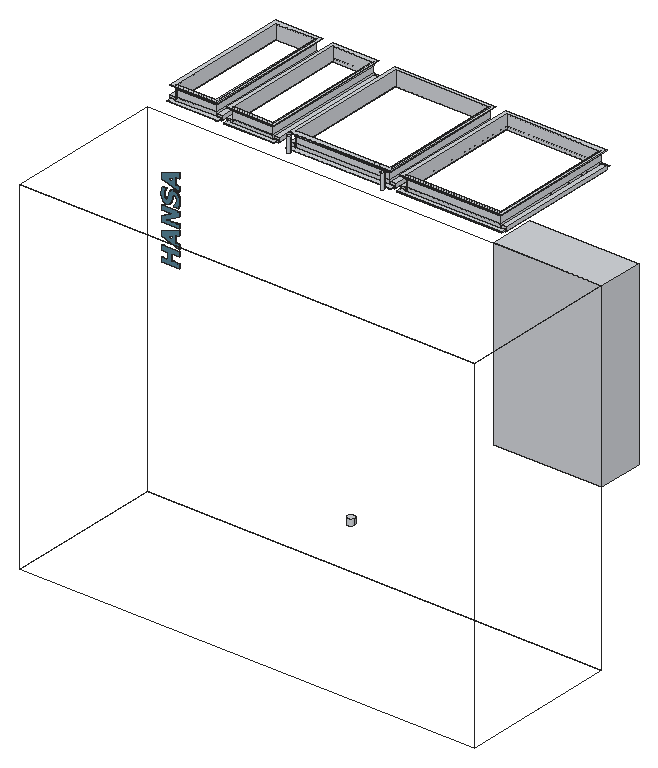
Revit family "KL-P-023-iK-G-L", category HLS-Bauteile, Revit 2020
Family settings
  Bemaßung runder Anschluss = Durchmesser verwenden
  Klassifizierung = Keine
  Teiletyp = Normal
  Arbeitsebenenbasiert = Nein
  Immer vertikal = Ja
  Beim Laden mit Abzugskörper schneiden = Nein
  Gemeinsam genutzt = Nein
  Raumberechnungspunkt = Nein
Parameters
  Zuluftbreite [instance] = 520 mm  # constant formula
  Vorgabe-Ansicht = 0 mm
  TyS [instance] = size_lookup("TyS_Hansa_KL_P", "", "ND", RLT_Serie, Gehaeuserichtung, Gehaeuseausfuehrung, RLT_MSR_KZ)  # "KL-P-023-iK-G-L-eCS"
  Schaltschrankbreite [instance] = 600 mm
  Schaltschrank_montiert [instance] = yes
  SSaG [instance] = and(or(Regelung SAIA, Regelung OJ), Schaltschrank_montiert)  # yes
  Regelung SAIA [instance] = yes
  Regelung OJ [instance] = no
  RLT_Volumenstrom_max = 2300 m³/h  # constant formula
  RLT_Volumenstrom_Unit_2 [instance] = 2300 m³/h
  RLT_Volumenstrom_Unit_1 [instance] = 2300 m³/h
  RLT_Typenschlüssel [instance] = TyS  # "KL-P-023-iK-G-L-eCS"
  RLT_Serie = "KL-P-023-iK"  # constant formula
  RLT_Material_außen [instance] = Stahlblech verzinkt + RAL 9002
  RLT_MSR_KZ [instance] = if(Regelung SAIA, "eCS", if(Regelung OJ, "eCO", "-"))  # "eCS"
  RLT_Länge [instance] = L  # 1920 mm
  RLT_Höhe = H  # 1790 mm
  RLT_Gewicht [instance] = size_lookup("TD_Hansa_KL_P", "Gewicht", 0 mm, TyS) / 1 mm * 1.00 kg  # 0.00 kg
  RLT_Breite = B  # 880 mm
  Modell = "KL-P-023-iK-G-L"  # constant formula
  L2 = 1260 mm  # constant formula
  L1 = 660 mm  # constant formula
  L = L1 + L2  # 1920 mm
  Kanaltiefe [instance] = RLT_Breite - 190 mm  # 690 mm
  Hersteller = "Hansa"  # constant formula
  H = 1790 mm  # constant formula
  GeräteOK [instance] = H + Fuß  # 1910 mm
  Gehaeuserichtung [instance] = "L"  # constant formula
  Gehaeuseausfuehrung [instance] = "geteilt"  # constant formula
  GD_Spannung [instance] = 230 V
  GD_Phasen [instance] = 1
  GD_Nennstrom [instance] = 0 A
  GD_Anschlussleistung [instance] = 0 W
  Fuß [instance] = 120 mm  # constant formula
  Fortluftbreite = 220 mm  # constant formula
  Bedienzone [instance] = yes
  Baugruppe [instance] = "RLT-Gerät"  # constant formula
  BZl [instance] = if(and(or(Regelung SAIA, Regelung OJ), Schaltschrank_montiert), L + Schaltschrankbreite, L)  # 2520 mm
  B = 880 mm  # constant formula
  Außenluftbreite = 220 mm  # constant formula
  Abluftbreite [instance] = 520 mm  # constant formula
Reference planes
  plane 1 "Mitte (Vorne/hinten)": y = 0
  plane 2: z = 0
  plane 3 "Mitte (Links/rechts)": x = 0
  plane 4: x = -960
  plane 5: x = 960
  plane 6 "GV": y = -440
  plane 7 "GH": y = 440
  plane 8 "OKG": z = 1910
  plane 9: y = 377.5
  plane 10: y = -312.5
  plane 11: x = -897.5
  plane 12: x = 897.5
  plane 13: x = -677.5
  plane 14: x = -582.5
  plane 15: x = -362.5
  plane 16: x = 377.5
  plane 17: x = 282.5
  plane 18: x = -237.5
  plane 19: z = 1990
  plane 20 "UKG": z = 120
  plane 21: y = -190
  plane 22: y = -230
  plane 23: z = 90
  plane 24: y = -364
  plane 25: x = -300
  plane 26: y = -1320
  plane 27: x = 1560
Forms (mm)
  Extrusion 1, solid, visible <- "SSaG"
    sketch origin (-61.559, 0, -70) x (1, 0, 0) y (0, 0, 1)
      loop
        line (1021.559, 1980) -> (1021.559, 980) -> (1621.559, 980) -> (1621.559, 1980) -> (1021.559, 1980)
    from 440 to 190
  Extrusion 2, solid
    sketch origin (0, 0, 0) x (1, 0, 0) y (0, 1, 0)
      loop
        circle (0, -230) r 20
    from 120 to 90
  Extrusion 3, solid
    sketch origin (0, 0, 0) x (1, 0, 0) y (0, 1, 0)
      loop
        circle (-237.5, -364) r 10
      loop
        circle (282.5, -364) r 10
    from 1990 to 1910
  Extrusion 4, solid, material "Glas - klar", visible <- "Bedienzone"
    sketch origin (0, 0, 0) x (1, 0, 0) y (0, 1, 0)
      loop
        line (-960, -440) -> (-960, -1320) -> (1560, -1320) -> (1560, -440) -> (-960, -440)
    from 1910 to 0
Dimensions and locks
  equal spacing: plane 4, plane 3 "Mitte (Links/rechts)", plane 5
  "L": plane 4 to plane 5
  "B": plane 7 "GH" to plane 6 "GV"
  locked: plane 7 "GH" to plane 9 at 62.5
  locked: plane 4 to plane 11 at 62.5
  locked: plane 12 to plane 5 at 62.5
  "Fortluftbreite": plane 11 to plane 13
  locked: plane 13 to plane 14 at 95
  "Außenluftbreite": plane 14 to plane 15
  "Abluftbreite": plane 16 to plane 12
  locked: plane 17 to plane 16 at 95
  "Zuluftbreite": plane 18 to plane 17
  plane 15 to plane 18 = 125 mm
  locked: nested 3 to plane 16 at 95
  "Fuß": plane 20 "UKG" to level
  plane 19 to plane 8 "OKG" = 80 mm
  locked: plane 4 to nested 1 at 62.5
  locked: plane 13 to nested 2 at 95
  locked: nested 4 to plane 5 at 62.5
  Extrusion 1 to plane 5 = 600 mm
  "RLT_Höhe": plane 8 "OKG" to plane 20 "UKG"
  equal spacing: plane 7 "GH", plane 1 "Mitte (Vorne/hinten)", plane 6 "GV"
  locked: plane 6 "GV" to plane 21 at 250
  locked: plane 6 "GV" to plane 22 at 210
  plane 20 "UKG" to plane 23 = 30 mm
  locked: plane 24 to plane 6 "GV" at 76
  "L1": plane 4 to plane 25
  "B": plane 26 to plane 6 "GV"
  "BZl": Extrusion 4 to Extrusion 4
  "Schaltschrankbreite": plane 5 to plane 27
  aligned and locked: level to plane 2
  aligned and locked: Extrusion 1 to plane 5
  aligned and locked: Extrusion 1 to plane 8 "OKG"
  aligned and locked: plane 6 "GV" to Extrusion 1
  aligned and locked: plane 21 to Extrusion 1
  aligned and locked: plane 20 "UKG" to Extrusion 2
  aligned and locked: Extrusion 2 to plane 23
  aligned and locked: Extrusion 3 to plane 8 "OKG"
  aligned and locked: plane 19 to Extrusion 3
  aligned and locked: plane 4 to Extrusion 4
  aligned and locked: Extrusion 4 to plane 6 "GV"
  aligned and locked: Extrusion 4 to plane 26
  aligned and locked: plane 8 "OKG" to Extrusion 4
  aligned and locked: plane 27 to Extrusion 1
  aligned and locked: plane 7 "GH" to nested 6
  aligned and locked: plane 4 to nested 6
Automatic sketch dimensions
  Extrusion 1 sketch curve to plane 5 = 0 mm
  Extrusion 1 sketch curve to plane 8 "OKG" = 0 mm
  plane 5 to Extrusion 1 sketch curve = 600 mm
  plane 20 "UKG" to Extrusion 1 sketch curve = 790 mm
  Extrusion 2 sketch curve to plane 3 "Mitte (Links/rechts)" = 0 mm
  Extrusion 2 sketch curve to plane 22 = 0 mm
  Extrusion 3 sketch curve to plane 18 = 0 mm
  Extrusion 3 sketch curve to plane 17 = 0 mm
  Extrusion 3 sketch curve to plane 24 = 0 mm  (x2)
  Extrusion 4 sketch curve to plane 4 = 0 mm
  plane 5 to Extrusion 4 sketch curve = 600 mm
  Extrusion 4 sketch curve to plane 26 = 0 mm
  plane 6 "GV" to Extrusion 4 sketch curve = 0 mm
  radius of Extrusion 2 sketch curve = 20 mm
  radius of Extrusion 3 sketch curve = 10 mm  (x2)
Nested families
  nested 1: "Kanalstutzen" at (-787.5, 29.209, 1910) x (1, 0, 0) z (0, -1, 0), 2570_EST_Breite <- "Fortluftbreite", 2571_EST_Höhe <- "Kanaltiefe", built-in parameter 1001360 <- "GeräteOK", type "Kanalstutzen"
    with Tiefe 80 mm, RahmenG2 20 mm, RahmenG1 30 mm, Höhe 690 mm, Breite 220 mm, 2572_EST_Tiefe 80 mm, 2571_EST_Höhe 690 mm, 2570_EST_Breite 220 mm, 1966_EST_Rahmentyp ""
  nested 2: "Kanalstutzen" at (-472.5, 29.209, 1910) x (1, 0, 0) z (0, -1, 0), 2570_EST_Breite <- "Außenluftbreite", 2571_EST_Höhe <- "Kanaltiefe", built-in parameter 1001360 <- "GeräteOK", type "Kanalstutzen"
    with Tiefe 80 mm, RahmenG2 20 mm, RahmenG1 30 mm, Höhe 690 mm, Breite 220 mm, 2572_EST_Tiefe 80 mm, 2571_EST_Höhe 690 mm, 2570_EST_Breite 220 mm, 1966_EST_Rahmentyp ""
  nested 3: "Kanalstutzen" at (22.5, 29.209, 1910) x (1, 0, 0) z (0, -1, 0), 2570_EST_Breite <- "Zuluftbreite", 2571_EST_Höhe <- "Kanaltiefe", built-in parameter 1001360 <- "GeräteOK", type "Kanalstutzen"
    with Tiefe 80 mm, RahmenG2 20 mm, RahmenG1 30 mm, Höhe 690 mm, Breite 520 mm, 2572_EST_Tiefe 80 mm, 2571_EST_Höhe 690 mm, 2570_EST_Breite 520 mm, 1966_EST_Rahmentyp ""
  nested 4: "Kanalstutzen" at (637.5, 29.209, 1910) x (1, 0, 0) z (0, -1, 0), 2570_EST_Breite <- "Abluftbreite", 2571_EST_Höhe <- "Kanaltiefe", built-in parameter 1001360 <- "GeräteOK", type "Kanalstutzen"
    with Tiefe 80 mm, RahmenG2 20 mm, RahmenG1 30 mm, Höhe 690 mm, Breite 520 mm, 2572_EST_Tiefe 80 mm, 2571_EST_Höhe 690 mm, 2570_EST_Breite 520 mm, 1966_EST_Rahmentyp ""
  nested 5: "Hansa_Aufkleber_klein" at (-780, -440, 1390) x (0, 0, 1) z (0, -1, 0), type "Hansa_Aufkleber_klein"
  nested 6: "P-023-G-L_ipt" at (0, 0, 0), type "Norm"
Connectors
  hvac at (-787.5, 29.209, 1989), driven by "RLT_Volumenstrom_Unit_2", driven by "Fortluftbreite", driven by "Kanaltiefe"
    settings: on nested 1, index 1, duct flow 2300 m³/h, flow factor 0, pres drop 0.0 Pa, loss coef 0, conn angle 0.00°, conn width 220 mm, conn height 690 mm, conn diameter 609.6 mm, duct sys type 3, conn prof type 1, flow config 1, flow direction 2, loss method 0, conn ref index -1, conn util no, is conn primary yes, conn desc ""
  hvac at (-472.5, 29.209, 1989), driven by "RLT_Volumenstrom_Unit_1", driven by "Außenluftbreite", driven by "Kanaltiefe"
    settings: on nested 2, index 2, duct flow 2300 m³/h, flow factor 0, pres drop 0.0 Pa, loss coef 0, conn angle 0.00°, conn width 220 mm, conn height 690 mm, conn diameter 609.6 mm, duct sys type 1, conn prof type 1, flow config 1, flow direction 1, loss method 0, conn ref index -1, conn util no, is conn primary no, conn desc ""
  hvac at (22.5, 29.209, 1989), driven by "RLT_Volumenstrom_Unit_1", driven by "Zuluftbreite", driven by "Kanaltiefe"
    settings: on nested 3, index 3, duct flow 2300 m³/h, flow factor 0, pres drop 0.0 Pa, loss coef 0, conn angle 0.00°, conn width 520 mm, conn height 690 mm, conn diameter 609.6 mm, duct sys type 1, conn prof type 1, flow config 0, flow direction 2, loss method 0, conn ref index -1, conn util no, is conn primary no, conn desc ""
  hvac at (637.5, 29.209, 1989), driven by "RLT_Volumenstrom_Unit_2", driven by "Abluftbreite", driven by "Kanaltiefe"
    settings: on nested 4, index 4, duct flow 2300 m³/h, flow factor 0, pres drop 0.0 Pa, loss coef 0, conn angle 0.00°, conn width 520 mm, conn height 690 mm, conn diameter 609.6 mm, duct sys type 2, conn prof type 1, flow config 0, flow direction 1, loss method 0, conn ref index -1, conn util no, is conn primary no, conn desc ""
  piping at (0, -230, 90), diameter 40
    settings: on Extrusion 2, index 5, connector inside diameter 609.6 mm, connector length 0 mm, flow factor 0, pipe flow 0.0 L/s, pressure drop 0.0 Pa, fitting loss kfactor 0, connector angle 0.00°, fixture units 0, engagement length 0 mm, angle of deflection 0.00°, flow configuration 0, flow direction 2, fitting loss method 0, system type 16, joint type 0, gender type 0, connector reference index -1, connector utility 0, adjustable connector no, is connector primary yes, connector description ""
  piping at (-237.5, -364, 1990), diameter 20
    settings: on Extrusion 3, index 6, connector inside diameter 609.6 mm, connector length 0 mm, flow factor 0, pipe flow 0.0 L/s, pressure drop 0.0 Pa, fitting loss kfactor 0, connector angle 0.00°, fixture units 0, engagement length 0 mm, angle of deflection 0.00°, flow configuration 0, flow direction 1, fitting loss method 0, system type 7, joint type 0, gender type 0, connector reference index -1, connector utility 0, adjustable connector no, is connector primary no, connector description ""
  piping at (282.5, -364, 1990), diameter 20
    settings: on Extrusion 3, index 7, connector inside diameter 609.6 mm, connector length 0 mm, flow factor 0, pipe flow 0.0 L/s, pressure drop 0.0 Pa, fitting loss kfactor 0, connector angle 0.00°, fixture units 0, engagement length 0 mm, angle of deflection 0.00°, flow configuration 0, flow direction 2, fitting loss method 0, system type 19, joint type 0, gender type 0, connector reference index -1, connector utility 0, adjustable connector no, is connector primary no, connector description ""
Definition of nested family "Kanalstutzen"
  Parameters (values of type "Kanalstutzen")
    Default Elevation = 0 mm
    Tiefe [instance] = [2572_EST_Tiefe]  # 80 mm
    RahmenG2 [instance] = 20 mm
    RahmenG1 [instance] = 30 mm
    Höhe [instance] = [2571_EST_Höhe]  # 500 mm
    Manufacturer = "Hansa"
    Breite [instance] = [2570_EST_Breite]  # 1000 mm
    Description = "Durchbruchsverkleidung"
    2572_EST_Tiefe [instance] = 80 mm
    2571_EST_Höhe [instance] = 500 mm
    2570_EST_Breite [instance] = 1000 mm
    1966_EST_Rahmentyp [instance] = ""
  Reference planes
    plane 1 "Mitte (Vorne/hinten)": y = 0
    plane 2: z = 0
    plane 3 "Mitte (Links/rechts)": x = 0
    plane 4: x = -500
    plane 5: x = 500
    plane 6 "hinten": y = 80
    plane 7: z = 250
    plane 8: z = -250
    plane 9 "R1links": x = -530
    plane 10 "R1rechts": x = 530
    plane 11 "R2links": x = -520
    plane 12 "R2rechts": x = 520
    plane 13 "R1oben": z = 280
    plane 14 "R1unten": z = -280
    plane 15: z = -270
    plane 16: z = 270
  Forms (mm)
    Sweep 1, solid
      path origin (0, 0, 0) x (1, 0, 0) y (0, 0, 1)
        loop
          line (-500, 250) -> (-500, -250) -> (500, -250) -> (500, 250) -> (-500, 250)
      profile origin (0, 0, 250) x (0, 0, 1) y (0, -1, 0)
        loop
          line (0, -40) -> (0, -80) -> (20, -80) -> (20, -79) -> (1.999, -79) -> (1.999, -59) -> (0.962, -59) -> (0.962, -21.406) -> (1.999, -21.406) -> (1.999, -1.406) -> (30, -1.406) -> (30, 0) -> (0, 0) -> (0, -40)
  Dimensions and locks
    equal spacing: plane 4, plane 3 "Mitte (Links/rechts)", plane 5
    "Breite": plane 4 to plane 5
    equal spacing: plane 7, level, plane 8
    "Höhe": plane 7 to plane 8
    "RahmenG1": plane 9 "R1links" to plane 4
    "RahmenG1": plane 5 to plane 10 "R1rechts"
    "RahmenG2": plane 11 "R2links" to plane 4
    "RahmenG2": plane 5 to plane 12 "R2rechts"
    "RahmenG1": plane 13 "R1oben" to plane 7
    "RahmenG1": plane 8 to plane 14 "R1unten"
    "RahmenG2": plane 16 to plane 7
    "RahmenG2": plane 8 to plane 15
    Sweep 1 sketch curve to Sweep 1 sketch curve = 1.406 mm
    Sweep 1 sketch curve to Sweep 1 sketch curve = 1 mm
    Sweep 1 sketch curve to Sweep 1 sketch curve = 0.962 mm
    "2572_EST_Tiefe": plane 6 "hinten" to plane 1 "Mitte (Vorne/hinten)"
    aligned and locked: level to plane 2
    aligned and locked: plane 16 to Sweep 1 sketch curve
    aligned and locked: plane 13 "R1oben" to Sweep 1 sketch curve
    aligned and locked: plane 1 "Mitte (Vorne/hinten)" to Sweep 1
    aligned and locked: plane 1 "Mitte (Vorne/hinten)" to nested 1
    aligned and locked: nested 1 to plane 10 "R1rechts"
    aligned and locked: nested 2 to plane 9 "R1links"
    aligned and locked: plane 8 to nested 2
    aligned and locked: nested 1 to plane 8
  Automatic sketch dimensions
    plane 4 to Sweep 1 sketch curve = 0 mm
    plane 5 to Sweep 1 sketch curve = 0 mm
    Sweep 1 sketch curve to plane 8 = 0 mm
    Sweep 1 sketch curve to plane 7 = 0 mm
    Sweep 1 sketch curve to plane 1 "Mitte (Vorne/hinten)" = 0 mm
    profile plane to Sweep 1 sketch curve = 0 mm
    Sweep 1 sketch curve to profile plane = 1.999 mm  (x2)
    Sweep 1 sketch curve to Sweep 1 sketch curve = 20 mm  (x2)
    Sweep 1 sketch curve to Sweep 1 sketch curve = 18.594 mm
    Sweep 1 sketch curve to Sweep 1 sketch curve = 19 mm
  Nested families
    nested 1: "EGJK30" at (520, 0, -250), L <- "Höhe", type "EGJK30"
      with L 500 mm
    nested 2: "EGJK30" at (-520, 0, -250) x (-1, 0, 0) z (0, 0, 1), L <- "Höhe", type "EGJK30"
      with L 500 mm
  Definition of nested family "EGJK30"
    Parameters (values of type "EGJK30")
      Default Elevation = 0 mm
      L [instance] = 1000 mm
    Reference planes
      plane 1 "Mitte (Vorne/hinten)": y = 0
      plane 2: z = 0
      plane 3 "Mitte (Links/rechts)": x = 0
    Forms (mm)
      Extrusion 1, solid
        sketch origin (16.67, -35.46, 0) x (1, 0, 0) y (0, 1, 0)
          loop
            line (-26.67, 25.46) -> (-6.67, 25.46) -> (-6.67, 30.46) -> (-1.67, 30.46) -> (-1.67, 50.46) -> (-34.67, 50.46) -> (-34.67, 38.46) -> (-5.67, 38.46) -> (-5.67, 35.46) -> (-25.67, 35.46) -> (-25.67, 36.96) -> (-34.67, 36.96) -> (-34.67, 33.96) -> (-26.67, 25.46)
        from 0 to 1000
    Dimensions and locks
      "L": Extrusion 1 to Extrusion 1
      aligned and locked: level to plane 2
    Automatic sketch dimensions
      plane 1 "Mitte (Vorne/hinten)" to Extrusion 1 sketch curve = 0 mm
      Extrusion 1 sketch curve to plane 3 "Mitte (Links/rechts)" = 18 mm
      plane 1 "Mitte (Vorne/hinten)" to Extrusion 1 sketch curve = 1.5 mm
      Extrusion 1 sketch curve to Extrusion 1 sketch curve = 0 mm
      Extrusion 1 sketch curve to plane 3 "Mitte (Links/rechts)" = 10 mm
      Extrusion 1 sketch curve to plane 3 "Mitte (Links/rechts)" = 9 mm
      plane 1 "Mitte (Vorne/hinten)" to Extrusion 1 sketch curve = 5 mm
      plane 3 "Mitte (Links/rechts)" to Extrusion 1 sketch curve = 10 mm
      Extrusion 1 sketch curve to Extrusion 1 sketch curve = 1 mm
      Extrusion 1 sketch curve to Extrusion 1 sketch curve = 5 mm
      plane 1 "Mitte (Vorne/hinten)" to Extrusion 1 sketch curve = 10 mm
      Extrusion 1 sketch curve to plane 1 "Mitte (Vorne/hinten)" = 1.5 mm
      Extrusion 1 sketch curve to Extrusion 1 sketch curve = 1.5 mm
      Extrusion 1 sketch curve to Extrusion 1 sketch curve = 12 mm
Definition of nested family "Hansa_Aufkleber_klein"
  Parameters (values of type "Hansa_Aufkleber_klein")
    Default Elevation = 1219.2 mm
  Reference planes
    plane 1 "Mitte (Vorne/hinten)": y = 0
    plane 2: z = 0
    plane 3 "Mitte (Links/rechts)": x = 0
  Forms (mm)
    Extrusion 1, solid, detail levels medium+fine
      sketch origin (6.994, -10.767, 0) x (1, 0, 0) y (0, 1, 0)
        loop
          line (-226.694, 10.767) -> (-201.573, 10.767) -> (-201.573, 55.095) -> (-167.456, 55.095) -> (-167.456, 10.767) -> (-142.335, 10.767) -> (-142.335, 110.767) -> (-167.456, 110.767) -> (-167.456, 74.138) -> (-201.573, 74.138) -> (-201.573, 110.767) -> (-226.694, 110.767) -> (-226.694, 10.767)
        loop
          line (202.074, 82.404) -> (191.782, 49.341) -> (212.284, 49.341) -> (202.074, 82.404)
        loop
          line (188.703, 110.767) -> (154.91, 10.767) -> (180.032, 10.767) -> (186.353, 31.189) -> (217.795, 31.189) -> (224.035, 10.767) -> (249.886, 10.767) -> (216.093, 110.767) -> (188.703, 110.767)
        loop
          line (34.084, 10.767) -> (58.233, 10.767) -> (58.233, 110.767) -> (35.299, 110.767) -> (35.299, 53.474) -> (3.37, 110.767) -> (-27.424, 110.767) -> (-27.424, 10.767) -> (-4.49, 10.767) -> (-4.49, 80.459) -> (34.084, 10.767)
        loop
          line (-85.203, 82.404) -> (-95.495, 49.341) -> (-74.993, 49.341) -> (-85.203, 82.404)
        loop
          line (-98.575, 110.767) -> (-132.367, 10.767) -> (-107.245, 10.767) -> (-100.925, 31.189) -> (-69.482, 31.189) -> (-63.242, 10.767) -> (-37.391, 10.767) -> (-71.184, 110.767) -> (-98.575, 110.767)
        loop
          line (73.143, 16.683) -> (80.903, 13.695) -> (89.27, 11.213) -> (93.783, 10.238) -> (98.65, 9.542) -> (103.872, 9.124) -> (109.448, 8.984) -> (114.303, 9.126) -> (118.902, 9.552) -> (123.243, 10.261) -> (127.327, 11.253) -> (131.154, 12.53) -> (134.724, 14.09) -> (138.037, 15.933) -> (141.093, 18.061) -> (143.838, 20.421) -> (146.216, 22.963) -> (148.229, 25.688) -> (149.876, 28.595) -> (151.156, 31.685) -> (152.071, 34.957) -> (152.62, 38.411) -> (152.803, 42.048) -> (152.724, 44.578) -> (152.487, 46.981) -> (152.091, 49.257) -> (151.537, 51.407) -> (150.825, 53.431) -> (149.954, 55.328) -> (148.925, 57.098) -> (147.738, 58.741) -> (144.874, 61.745) -> (141.346, 64.434) -> (137.155, 66.81) -> (132.301, 68.871) -> (127.124, 70.542) -> (122.293, 71.829) -> (112.609, 74.057) -> (109.035, 74.977) -> (106.095, 75.952) -> (103.788, 76.982) -> (102.114, 78.069) -> (100.927, 79.287) -> (100.078, 80.713) -> (99.569, 82.346) -> (99.4, 84.187) -> (99.506, 85.453) -> (99.825, 86.659) -> (100.357, 87.803) -> (101.101, 88.887) -> (102.965, 90.731) -> (105.153, 92.048) -> (107.99, 93.142) -> (110.664, 93.83) -> (113.439, 94.195) -> (116.579, 94.317) -> (120.768, 94.112) -> (124.906, 93.496) -> (128.993, 92.471) -> (133.03, 91.035) -> (136.889, 89.3) -> (140.445, 87.378) -> (143.697, 85.268) -> (146.644, 82.971) -> (148.832, 82.971) -> (148.832, 105.824) -> (145.231, 107.285) -> (141.397, 108.589) -> (137.33, 109.737) -> (133.03, 110.727) -> (128.608, 111.524) -> (124.177, 112.094) -> (119.735, 112.436) -> (115.283, 112.55) -> (110.919, 112.414) -> (106.741, 112.006) -> (102.749, 111.325) -> (98.944, 110.372) -> (95.324, 109.147) -> (91.891, 107.65) -> (88.644, 105.88) -> (85.583, 103.839) -> (82.8, 101.578) -> (80.389, 99.151) -> (78.348, 96.559) -> (76.679, 93.8) -> (75.38, 90.876) -> (74.453, 87.786) -> (73.896, 84.53) -> (73.711, 81.108) -> (74.025, 76.136) -> (74.967, 71.596) -> (76.537, 67.486) -> (78.735, 63.806) -> (80.094, 62.119) -> (81.657, 60.522) -> (83.426, 59.014) -> (85.4, 57.597) -> (87.58, 56.269) -> (89.964, 55.031) -> (92.553, 53.884) -> (95.348, 52.826) -> (100.625, 51.195) -> (106.247, 49.868) -> (111.869, 48.642) -> (117.147, 47.315) -> (119.104, 46.707) -> (120.925, 45.937) -> (122.609, 45.006) -> (124.156, 43.912) -> (125.451, 42.645) -> (126.375, 41.197) -> (126.929, 39.566) -> (127.114, 37.753) -> (127, 36.17) -> (126.658, 34.744) -> (126.089, 33.475) -> (125.291, 32.364) -> (123.275, 30.53) -> (120.874, 29.163) -> (118.413, 28.312) -> (115.242, 27.704) -> (112.052, 27.339) -> (109.529, 27.218) -> (105.242, 27.433) -> (100.889, 28.079) -> (96.47, 29.155) -> (91.985, 30.662) -> (87.561, 32.569) -> (83.324, 34.845) -> (79.274, 37.492) -> (75.413, 40.508) -> (73.143, 40.508) -> (73.143, 16.683)
      from 0 to 2
  Dimensions and locks
    aligned and locked: level to plane 2
Definition of nested family "P-023-G-L_ipt"
  Parameters (values of type "Norm")
    Default Elevation = 0 mm
  Reference planes
    plane 1 "Mitte (Vorne/Hinten)": y = 0
    plane 2: z = 0
    plane 3 "Mitte (Links/Rechts)": x = 0
  Dimensions and locks
    aligned and locked: level to plane 2
